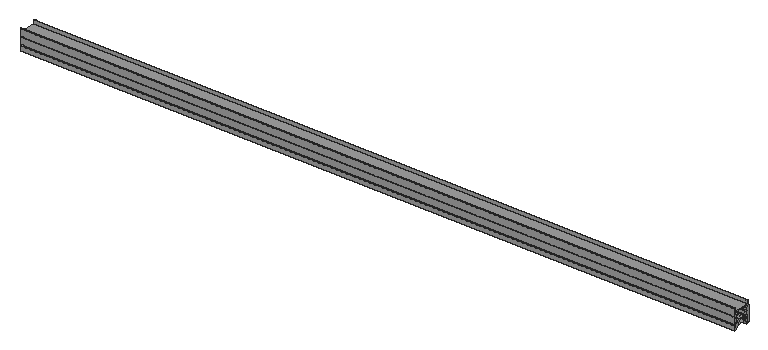
Revit family "Alcon-12100-21-R-R-Revit-Family", category Lighting Fixtures, host Ceiling, Revit 2021
Family settings
  Host = Ceiling
  Round Connector Dimension = Use Diameter
  Part Type = Normal
  Always vertical = Yes
  Cut with Voids When Loaded = No
  Light Source = Yes
  Shared = No
  Room Calculation Point = No
Parameters (values of type "8'")
  Wattage = 9.2903 W
  built-in parameter 1150110 = 1 (stored number, unit not read)
  built-in parameter 1114217 = 1 (stored number, unit not read)
  built-in parameter 1150109 = 1 (stored number, unit not read)
  built-in parameter 1150134 = 3
  built-in parameter 1150113 = 1 (stored number, unit not read)
  Reflector = Reflector
  Product identity = "Alcon Lighting 12100-21-RR"
  Manufacturer = "Alcon Light"
  built-in parameter 1150105 = 439.27 (stored number, unit not read)
  Lumens = 1380 lm
  built-in parameter 1150115 = 1 (stored number, unit not read)
  Link To Product Page = "https://www.alconlighting.com/continuum-12100-21-r-r.html"
  Light Source Symbol Size = 0' - 1 85/256"
  built-in parameter 1150137 = (empty or 0)
  built-in parameter 1150139 = (empty or 0)
  Lens = Lens
  Length = 8' - 0"
  built-in parameter 1150112 = 1 (stored number, unit not read)
  built-in parameter 1150114 = 1 (stored number, unit not read)
  built-in parameter 1150132 = (empty or 0)
  built-in parameter 1150102 = (empty or 0)
  built-in parameter 1150107 = 3200 (stored number, unit not read)
  built-in parameter 1150138 = (empty or 0)
  built-in parameter 1150106 = 4.3927 (stored number, unit not read)
  Housing = Default
  Emit from Line Length = 8' - 0"
  built-in parameter 1150104 = 13.8 (stored number, unit not read)
  Dimming Lamp Color Temperature Shift = <None>
  Default Elevation = 0' - 0"
  Color Filter = 16777215
  built-in parameter 1114218 = 1 (stored number, unit not read)
  built-in parameter 1150133 = 10 (stored number, unit not read)
Types (6): name | Length | Emit from Line Length
  (no name) | 8' - 0" | 8' - 0"
  6' | 6' - 0" | 6' - 0"
  3' | 3' - 0" | 3' - 0"
  2' | 2' - 0" | 2' - 0"
  4' | 4' - 0" | 4' - 0"
  8' | 8' - 0" | 8' - 0"
Reference planes (in)
  plane 1 "Center (Front/Back)": y = 0
  plane 2 "Ceiling": z = 96
  plane 3 "Center (Left/Right)": x = 0
  plane 4: x = -48
  plane 5: x = 48
Forms (in)
  Extrusion 1, solid, material "Default" <- "Housing"
    sketch origin (-8.6821, 0, 256.94031) x (0, -1, 0) y (0, 0, -1)
      loop
        line (-1.10507, 160.86219) -> (-1.17, 160.86219) -> (-1.17, 160.25987)
        arc (-1.17, 160.25987) -> (-1.1514, 160.22514) -> (-1.17, 160.19041) r 0.04173
        line (-1.17, 160.19041) -> (-1.17, 159.26536)
        arc (-1.17, 159.26536) -> (-1.1514, 159.23063) -> (-1.17, 159.1959) r 0.04173
        line (-1.17, 159.1959) -> (-1.17, 158.22156) -> (-1.10507, 158.22156) -> (-1.10507, 158.64982) -> (1.10507, 158.64982) -> (1.10507, 158.22156) -> (1.17, 158.22156) -> (1.17, 159.1959)
        arc (1.17, 159.1959) -> (1.1514, 159.23063) -> (1.17, 159.26536) r 0.04173
        line (1.17, 159.26536) -> (1.17, 160.19041)
        arc (1.17, 160.19041) -> (1.1514, 160.22514) -> (1.17, 160.25987) r 0.04173
        line (1.17, 160.25987) -> (1.17, 160.86219) -> (1.10507, 160.86219) -> (1.10507, 160.59384) -> (0.94451, 160.59384) -> (0.94451, 160.39651) -> (1.01249, 160.39651) -> (1.01249, 160.49344) -> (1.10507, 160.49344) -> (1.10507, 160.30581) -> (0.94451, 160.30581) -> (0.94451, 160.15243) -> (1.10507, 160.15243) -> (1.10507, 159.86853) -> (0.98124, 159.86853) -> (0.98124, 159.95891) -> (0.89763, 159.95891) -> (0.89763, 159.56434) -> (0.97504, 159.56434) -> (0.97504, 159.78837) -> (1.10507, 159.78837) -> (1.10507, 159.35818) -> (0.94451, 159.35818) -> (0.94451, 159.10332) -> (1.10507, 159.10332) -> (1.10507, 158.72531) -> (-1.10507, 158.72531) -> (-1.10507, 159.10332) -> (-0.94451, 159.10332) -> (-0.94451, 159.35818) -> (-1.10507, 159.35818) -> (-1.10507, 159.78837) -> (-0.97504, 159.78837) -> (-0.97504, 159.56434) -> (-0.89763, 159.56434) -> (-0.89763, 159.95891) -> (-0.98124, 159.95891) -> (-0.98124, 159.86853) -> (-1.10507, 159.86853) -> (-1.10507, 160.15243) -> (-0.94451, 160.15243) -> (-0.94451, 160.30581) -> (-1.10507, 160.30581) -> (-1.10507, 160.49344) -> (-1.01249, 160.49344) -> (-1.01249, 160.39651) -> (-0.94451, 160.39651) -> (-0.94451, 160.59384) -> (-1.10507, 160.59384) -> (-1.10507, 160.86219)
      loop
        line (-1.10507, 160.25987) -> (-1.10507, 160.19041) -> (-0.99687, 160.19041) -> (-0.99687, 160.25987) -> (-1.10507, 160.25987)
      loop
        line (-1.10507, 159.26536) -> (-1.10507, 159.1959) -> (-0.99687, 159.1959) -> (-0.99687, 159.26536) -> (-1.10507, 159.26536)
      loop
        line (1.10507, 160.25987) -> (0.99687, 160.25987) -> (0.99687, 160.19041) -> (1.10507, 160.19041) -> (1.10507, 160.25987)
      loop
        line (1.10507, 159.26536) -> (0.99687, 159.26536) -> (0.99687, 159.1959) -> (1.10507, 159.1959) -> (1.10507, 159.26536)
    from -39.3179 to 56.6821
  Extrusion 2, solid, material "Default" <- "Housing"
    sketch origin (-8.6821, 0, 257.01844) x (0, -1, 0) y (0, 0, -1)
      loop
        line (0.2188, 159.91309) -> (-0.2188, 159.91309) -> (-0.2188, 159.95517) -> (-0.17984, 159.99413) -> (-0.24228, 160.05657) -> (-0.26444, 160.03441) -> (-0.2298, 159.99976) -> (-0.25445, 159.97511) -> (-0.67455, 160.39521)
        arc (-0.67455, 160.39521) -> (-0.65738, 160.41046) -> (-0.63469, 160.40684) r 0.02682
        line (-0.63469, 160.40684) -> (-0.59859, 160.38207) -> (-0.59859, 160.43982) -> (-0.67361, 160.43982) -> (-0.90716, 161.01844) -> (-1.10507, 161.01844) -> (-1.10507, 160.89872) -> (-0.94451, 160.66941) -> (-0.94451, 160.03704) -> (-0.57586, 160.03704) -> (-0.49802, 159.87012) -> (0.49802, 159.87012) -> (0.57586, 160.03704) -> (0.94451, 160.03704) -> (0.94451, 160.66941) -> (1.10507, 160.89872) -> (1.10507, 161.01844) -> (0.90716, 161.01844) -> (0.67361, 160.43982) -> (0.59859, 160.43982) -> (0.59859, 160.38207) -> (0.63469, 160.40684)
        arc (0.63469, 160.40684) -> (0.65738, 160.41046) -> (0.67455, 160.39521) r 0.02682
        line (0.67455, 160.39521) -> (0.25445, 159.97511) -> (0.2298, 159.99976) -> (0.26444, 160.03441) -> (0.24228, 160.05657) -> (0.17984, 159.99413) -> (0.2188, 159.95517) -> (0.2188, 159.91309)
      loop
        line (-0.47065, 159.91309) -> (-0.27083, 159.91309) -> (-0.27083, 159.94635) -> (-0.71202, 160.38753) -> (-0.71202, 160.4293) -> (-0.93247, 160.97547) -> (-1.0621, 160.97547) -> (-1.0621, 160.91226) -> (-0.90154, 160.68295) -> (-0.90154, 160.08001) -> (-0.54848, 160.08001) -> (-0.47065, 159.91309)
      loop
        line (0.47065, 159.91309) -> (0.54848, 160.08001) -> (0.90154, 160.08001) -> (0.90154, 160.68295) -> (1.0621, 160.91226) -> (1.0621, 160.97547) -> (0.93247, 160.97547) -> (0.71202, 160.4293) -> (0.71202, 160.38753) -> (0.27083, 159.94635) -> (0.27083, 159.91309) -> (0.47065, 159.91309)
    from -39.3179 to 56.6821
  Extrusion 3, solid, material "Lens" <- "Lens"
    sketch origin (-8.6821, 0, 257.01844) x (0, -1, 0) y (0, 0, -1)
      loop
        line (0.67361, 160.43982) -> (0.67361, 160.4801) -> (-0.67361, 160.4801) -> (-0.67361, 160.43982) -> (0.67361, 160.43982)
    from -39.3179 to 56.6821
  Extrusion 4, solid, material "Reflector" <- "Reflector"
    sketch origin (-8.6821, 0, 257.01844) x (0, -1, 0) y (0, 0, -1)
      loop
        line (-0.25445, 159.97511) -> (-0.2298, 159.99976) -> (-0.62734, 160.39731) -> (-0.652, 160.37266) -> (-0.25445, 159.97511)
      loop
        line (0.25445, 159.97511) -> (0.652, 160.37266) -> (0.62734, 160.39731) -> (0.2298, 159.99976) -> (0.25445, 159.97511)
    from -39.3179 to 56.6821
  Extrusion 5, void
    sketch origin (0, 0, 96) x (1, 0, 0) y (0, 1, 0)
      loop
        line (-48, 1.10507) -> (-48, -1.10507) -> (48, -1.10507) -> (48, 1.10507) -> (-48, 1.10507)
    from -0.38981 to 2.50384
Dimensions and locks (in)
  equal spacing: host sketch curve, plane 3 "Center (Left/Right)", host sketch curve
  equal spacing: host sketch curve, plane 1 "Center (Front/Back)", host sketch curve
  host sketch curve to host sketch curve = 10' - 0"  (x2)
  equal spacing: plane 4, plane 3 "Center (Left/Right)", plane 5
  "Length": plane 4 to plane 5
  aligned and locked: Extrusion 3 to plane 4
  aligned and locked: Extrusion 2 to plane 4
  aligned and locked: Extrusion 1 to plane 4
  aligned and locked: Extrusion 4 to plane 4
  aligned and locked: plane 5 to Extrusion 2
  aligned and locked: plane 5 to Extrusion 1
  aligned and locked: plane 5 to Extrusion 3
  aligned and locked: plane 5 to Extrusion 4
  aligned and locked: Extrusion 5 to plane 4
  aligned and locked: plane 5 to Extrusion 5
Automatic sketch dimensions
  Extrusion 1 sketch curve to plane 1 "Center (Front/Back)" = 0' - 1.19313"
  plane 2 "Ceiling" to Extrusion 1 sketch curve = 0' - 0.71518"
  Extrusion 1 sketch curve to Extrusion 1 sketch curve = 0' - 0"  (x13)
  Extrusion 1 sketch curve to Extrusion 1 sketch curve = 0' - 0.02313"  (x5)
  Extrusion 1 sketch curve to Extrusion 1 sketch curve = 0' - 0.06493"  (x7)
  Extrusion 1 sketch curve to Extrusion 1 sketch curve = 0' - 0.09258"  (x3)
  Extrusion 1 sketch curve to Extrusion 1 sketch curve = 0' - 0.10821"  (x5)
  plane 2 "Ceiling" to Extrusion 1 sketch curve = 0' - 0.9814"  (x2)
  Extrusion 1 sketch curve to Extrusion 1 sketch curve = 0' - 0.12383"
  Extrusion 1 sketch curve to Extrusion 1 sketch curve = 0' - 0.13003"
  Extrusion 1 sketch curve to Extrusion 1 sketch curve = 0' - 0.06799"  (x2)
  Extrusion 1 sketch curve to Extrusion 1 sketch curve = 0' - 0.05236"  (x4)
  Extrusion 1 sketch curve to Extrusion 1 sketch curve = 0' - 0.08361"
  plane 1 "Center (Front/Back)" to Extrusion 1 sketch curve = 0' - 0.89763"
  Extrusion 1 sketch curve to Extrusion 1 sketch curve = 0' - 0 3/64"  (x2)
  Extrusion 1 sketch curve to Extrusion 1 sketch curve = 0' - 0.07741"
  Extrusion 1 sketch curve to Extrusion 1 sketch curve = 0' - 0.0062"
  Extrusion 1 sketch curve to Extrusion 1 sketch curve = 0' - 0.16057"  (x2)
  plane 2 "Ceiling" to Extrusion 1 sketch curve = 0' - 1.07179"  (x2)
  Extrusion 1 sketch curve to Extrusion 1 sketch curve = 0' - 0.08016"  (x2)
  Extrusion 1 sketch curve to Extrusion 1 sketch curve = 0' - 0.22403"  (x2)
  Extrusion 1 sketch curve to Extrusion 1 sketch curve = 0' - 0.20617"  (x2)
  Extrusion 1 sketch curve to Extrusion 1 sketch curve = 0' - 0.09282"  (x2)
  Extrusion 1 sketch curve to Extrusion 1 sketch curve = 0' - 0.03473"  (x4)
  Extrusion 1 sketch curve to Extrusion 1 sketch curve = 0' - 0.06946"  (x2)
  Extrusion 1 sketch curve to Extrusion 1 sketch curve = 0' - 0.37801"
  Extrusion 1 sketch curve to Extrusion 1 sketch curve = 0' - 0.0755"
  Extrusion 1 sketch curve to Extrusion 1 sketch curve = 0' - 0.42825"  (x2)
  Extrusion 1 sketch curve to Extrusion 1 sketch curve = 0' - 0.19351"  (x2)
  Extrusion 1 sketch curve to Extrusion 1 sketch curve = 0' - 0.03798"  (x3)
  Extrusion 1 sketch curve to Extrusion 1 sketch curve = 0' - 0.04594"  (x2)
  Extrusion 1 sketch curve to Extrusion 1 sketch curve = 0' - 0.0907"  (x2)
  Extrusion 1 sketch curve to Extrusion 1 sketch curve = 0' - 0.09693"  (x2)
  Extrusion 1 sketch curve to Extrusion 1 sketch curve = 0' - 0.1004"  (x2)
  Extrusion 1 sketch curve to Extrusion 1 sketch curve = 0' - 0.26835"  (x2)
  plane 2 "Ceiling" to Extrusion 2 sketch curve = 0' - 1.02431"  (x2)
  Extrusion 2 sketch curve to plane 1 "Center (Front/Back)" = 0' - 1.10507"
  Extrusion 2 sketch curve to Extrusion 2 sketch curve = 0' - 0 11/256"  (x7)
  plane 2 "Ceiling" to Extrusion 2 sketch curve = 0' - 0.9814"  (x2)
  Extrusion 2 sketch curve to Extrusion 2 sketch curve = 0' - 0.16057"
  Extrusion 2 sketch curve to Extrusion 2 sketch curve = 0' - 0.12963"  (x2)
  Extrusion 2 sketch curve to Extrusion 2 sketch curve = 0' - 0.02531"  (x2)
  Extrusion 2 sketch curve to Extrusion 2 sketch curve = 0' - 0.18952"  (x2)
  Extrusion 2 sketch curve to Extrusion 2 sketch curve = 0' - 0.03747"
  Extrusion 2 sketch curve to Extrusion 2 sketch curve = 0' - 0.03841"  (x2)
  Extrusion 2 sketch curve to Extrusion 2 sketch curve = 0' - 0.02468"
  plane 2 "Ceiling" to Extrusion 2 sketch curve = 0' - 0.6116"
  Extrusion 2 sketch curve to Extrusion 2 sketch curve = 0' - 0.01517"  (x2)
  Extrusion 2 sketch curve to Extrusion 2 sketch curve = 0' - 0.03611"  (x2)
  Extrusion 2 sketch curve to Extrusion 2 sketch curve = 0' - 0.32568"
  Extrusion 2 sketch curve to Extrusion 2 sketch curve = 0' - 0.02737"  (x4)
  Extrusion 2 sketch curve to Extrusion 2 sketch curve = 0' - 0.07784"  (x2)
  plane 2 "Ceiling" to Extrusion 2 sketch curve = 0' - 1.10535"  (x2)
  plane 2 "Ceiling" to Extrusion 2 sketch curve = 0' - 1.07209"
  Extrusion 2 sketch curve to Extrusion 2 sketch curve = 0' - 0.19981"  (x2)
  plane 2 "Ceiling" to Extrusion 2 sketch curve = 0' - 0.98403"
  Extrusion 2 sketch curve to Extrusion 2 sketch curve = 0' - 0.00639"
  plane 2 "Ceiling" to Extrusion 2 sketch curve = 0' - 1.04333"  (x2)
  Extrusion 2 sketch curve to Extrusion 2 sketch curve = 0' - 0.01639"
  plane 2 "Ceiling" to Extrusion 2 sketch curve = 0' - 0.96187"  (x2)
  Extrusion 2 sketch curve to Extrusion 2 sketch curve = 0' - 0.02216"
  Extrusion 2 sketch curve to Extrusion 2 sketch curve = 0' - 0.05204"  (x2)
  plane 1 "Center (Front/Back)" to Extrusion 2 sketch curve = 0' - 0.17984"
  Extrusion 2 sketch curve to Extrusion 2 sketch curve = 0' - 0.03896"
  plane 2 "Ceiling" to Extrusion 2 sketch curve = 0' - 1.01868"
  Extrusion 2 sketch curve to Extrusion 2 sketch curve = 0' - 0.011"
  Extrusion 2 sketch curve to Extrusion 2 sketch curve = 0' - 0.01249"
  plane 2 "Ceiling" to Extrusion 2 sketch curve = 0' - 1.14832"
  plane 2 "Ceiling" to Extrusion 2 sketch curve = 0' - 0.93843"
  Extrusion 2 sketch curve to Extrusion 2 sketch curve = 0' - 0.0501"
  Extrusion 2 sketch curve to Extrusion 2 sketch curve = 0' - 0.03891"
  plane 2 "Ceiling" to Extrusion 2 sketch curve = 0' - 0.62323"
  Extrusion 2 sketch curve to Extrusion 2 sketch curve = 0' - 0.00562"
  Extrusion 2 sketch curve to Extrusion 2 sketch curve = 0' - 0.04208"
  Extrusion 2 sketch curve to Extrusion 2 sketch curve = 0' - 0.02876"
  Extrusion 2 sketch curve to Extrusion 2 sketch curve = 0' - 0.02477"
  Extrusion 2 sketch curve to Extrusion 2 sketch curve = 0' - 0.01314"
  Extrusion 2 sketch curve to Extrusion 2 sketch curve = 0' - 0.01049"
  Extrusion 2 sketch curve to Extrusion 2 sketch curve = 0' - 0.00767"  (x2)
  Extrusion 2 sketch curve to Extrusion 2 sketch curve = 0' - 0.04177"  (x2)
  Extrusion 2 sketch curve to Extrusion 2 sketch curve = 0' - 0.03298"  (x2)
  Extrusion 2 sketch curve to Extrusion 2 sketch curve = 0' - 0.24011"  (x2)
  Extrusion 2 sketch curve to Extrusion 2 sketch curve = 0' - 0.01355"  (x4)
  Extrusion 2 sketch curve to Extrusion 2 sketch curve = 0' - 0.22931"  (x2)
  Extrusion 2 sketch curve to Extrusion 2 sketch curve = 0' - 0.06321"  (x2)
  Extrusion 3 sketch curve to plane 1 "Center (Front/Back)" = 0' - 0.67361"
  plane 1 "Center (Front/Back)" to Extrusion 3 sketch curve = 0' - 0.67361"
  plane 2 "Ceiling" to Extrusion 3 sketch curve = 0' - 0.57862"
  Extrusion 3 sketch curve to Extrusion 3 sketch curve = 0' - 0.04029"
  Extrusion 4 sketch curve to plane 1 "Center (Front/Back)" = 0' - 0.652"
  plane 2 "Ceiling" to Extrusion 4 sketch curve = 0' - 0.62113"  (x2)
  Extrusion 4 sketch curve to Extrusion 4 sketch curve = 0' - 0.02465"  (x2)
  plane 2 "Ceiling" to Extrusion 4 sketch curve = 0' - 1.04333"  (x2)
  Extrusion 4 sketch curve to plane 1 "Center (Front/Back)" = 0' - 0.25445"
  plane 2 "Ceiling" to Extrusion 4 sketch curve = 0' - 1.01868"
  plane 1 "Center (Front/Back)" to Extrusion 4 sketch curve = 0' - 0.2298"
  plane 4 to Extrusion 5 sketch curve = 0' - 0"
  Extrusion 5 sketch curve to plane 5 = 0' - 0"
  plane 1 "Center (Front/Back)" to Extrusion 5 sketch curve = 0' - 1.10507"
  Extrusion 5 sketch curve to Extrusion 5 sketch curve = 0' - 2.21015"
